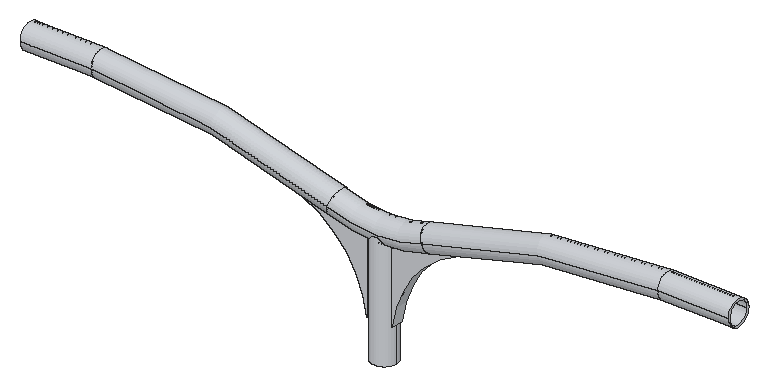
Revit family "Lighting-Stradale-GEWISS-STREET[O3]-STAFFA_PALO_DOPPIA", category Apparecchi per illuminazione, Revit 2019
Family settings
  Quota connettore circolare = Usa diametro
  Tipo di parte = Normale
  Numero OmniClass = 23.80.00.00
  Titolo OmniClass = Electric Power and Lighting
  Basato su piano di lavoro = Sì
  Sempre verticale = No
  Taglio con vuoti quando caricato = No
  Sorgente d'illuminazione = No
  Condiviso = No
  Punto di calcolo locali = No
Parameters (values of type "GW87582 - Acciaio zincato - Grigio grafite - Doppia")
  Versione file RFA = "20.11"
  URL = "https://www.gewiss.com/it/it"
  Tubolare = none
  Supporti = none
  Scheda Tecnica = "https://www.gewiss.com/it/it/search?q=GW87582"
  SIMBOLO [instance] = yes
  SEO = "Staffa"
  Default Elevation = 1219.2 mm
  Produttore = "GEWISS S.p.A."
  Peso (kg): = "11,5"
  Peso (kg) = "11,5"
  Modello = "GW87582"
  Materiale = "Acciaio zincato"
  Lunghezza = "1+1 m"
  L_staffa = 120 mm
  Immagine tipo = GW87582.jpg
  IFC.TypeObject = ""
  IFC.ExportType = ""
  IFC.ExportAs = ""
  IDT = "df385655-572c-45cd-afe2-85265a4e7826"
  IDF = "38bce6fd-7d71-470c-a61e-19d51e9b6874"
  Dimensioni (mm) = "Ø 60 mm"
  Dimensioni = "Ø 60 mm"
  Descrizione: = "Staffa testa palo doppia"
  Descrizione = "STREET STAFFA TESTA PALO DOPPIA GRIGIO GRAFITE"
  Creato da GEWISS S.p.A. = ""
  Colore = "Grigio grafite"
  Codice Electrocod = "240"
  Codice EAN = "8011564783041"
  Catalogo Serie = "STREET [O3]"
  Catalogo = "LIGHTING"
  COBie.Tagnumber = ""
  COBie.CreatedOn = ""
  COBie.CreatebBy = ""
  COBie.ComponentRegisterItemID = ""
  COBie.Component.TagNumber = ""
  COBie.Component.Space = ""
  COBie.Component.SerialNumber = ""
  COBie.Component.InstallationDate = ""
  COBie.Component.Description = ""
  COBie.Component.BarCode = ""
  BIDIMENSIONALE [instance] = not(SIMBOLO)  # no
  Altezza da terra testa staffa = 821.938 mm
Reference planes
  plane 1 "Centro (Fronte/Retro)": y = 0
  plane 2: z = 0
  plane 3 "Centro (Sinistra/Destra)": x = 0
Forms (mm)
  Sweep 1, solid, material <- "Tubolare"
    path origin (0, 0, -775.338) x (1, 0, 0) y (0, 0, 1)
      loop
        line (1000, 1242.308) -> (800, 1242.308)
        arc (800, 1242.308) -> (461.796, 1213.505) -> (133.333, 1127.926) r 2000
        arc (133.333, 1127.926) -> (0, 1105.049) -> (-133.333, 1127.926) r 400
        arc (-133.333, 1127.926) -> (-461.796, 1213.505) -> (-800, 1242.308) r 2000
        line (-800, 1242.308) -> (-1000, 1242.308)
    profile origin (-461.796, 0, 438.167) x (-0.169102, 0, -0.985599) y (0, -1, 0)
      loop
        circle (0, 0) r 35
      loop
        circle (0, 0) r 31
  Sweep 2, solid, material <- "Tubolare"
    path origin (0, 0, -775.338) x (1, 0, 0) y (0, 0, 1)
      loop
        line (0, 1099.248) -> (0, 775.338)
    profile origin (0, 0, 161.955) x (0, -1, 0) y (1, 0, 0)
      loop
        circle (0, 0) r 35
      loop
        circle (0, 0) r 31
  Extrusion 3, solid, material <- "Supporti"
    sketch origin (0, 0, -775.338) x (1, 0, 0) y (0, 0, 1)
      loop
        arc (-143.667, 1098.699) -> (-178.509, 1110.652) -> (-213.569, 1121.951) r 1969
        line (-213.569, 1121.951) -> (-215.96, 1116.424)
        arc (-215.96, 1116.424) -> (-94.15, 1019.88) -> (-37, 875.338) r 300
        line (-37, 875.338) -> (-35, 875.338) -> (-35, 1075.473)
        arc (-35, 1075.473) -> (-90.085, 1083.569) -> (-143.667, 1098.699) r 431
      loop
        line (35, 1075.473) -> (35, 875.338) -> (37, 875.338)
        arc (37, 875.338) -> (94.15, 1019.88) -> (215.96, 1116.424) r 300
        line (215.96, 1116.424) -> (213.569, 1121.951)
        arc (213.569, 1121.951) -> (178.509, 1110.652) -> (143.667, 1098.699) r 1969
        arc (143.667, 1098.699) -> (90.085, 1083.569) -> (35, 1075.473) r 431
    from -16.126 to 16.209
Lines and regions (mm)
  Masking region 1, visible <- "BIDIMENSIONALE"
    outline origin (0, 0, 0) x (1, 0, 0) y (0, 1, 0)
      loop
        line (-1000, 35) -> (-1000, -35) -> (1000, -35) -> (1000, 35) -> (-1000, 35)
  Masking region 2
    outline origin (0, 0, -775.338) x (1, 0, 0) y (0, 0, 1)
      loop
        line (-1000, 1277.308) -> (-1000, 1207.308) -> (-780, 1207.308)
        arc (-780, 1207.308) -> (-494.342, 1184.441) -> (-215.96, 1116.424) r 1795.699
        arc (-215.96, 1116.424) -> (-84.314, 1005.806) -> (-35.036, 841.068) r 300
        line (-35.036, 841.068) -> (-35, 775.338) -> (35, 775.338) -> (35, 841.068)
        arc (35, 841.068) -> (84.314, 1005.806) -> (215.96, 1116.424) r 300
        arc (215.96, 1116.424) -> (494.342, 1184.441) -> (780, 1207.308) r 1795.699
        line (780, 1207.308) -> (1000, 1207.308) -> (1000, 1277.308) -> (780, 1277.308)
        arc (780, 1277.308) -> (430.577, 1245.206) -> (92.853, 1149.974) r 1917.736
        arc (92.853, 1149.974) -> (-3.831, 1140.745) -> (-100.205, 1152.778) r 443.612
        arc (-100.205, 1152.778) -> (-434.447, 1245.919) -> (-780, 1277.308) r 1917.736
        line (-780, 1277.308) -> (-1000, 1277.308)
  Masking region 3
    outline origin (0, -0.162, -775.338) x (0, 1, 0) y (0, 0, 1)
      loop
        arc (35, 1242.308) -> (0, 1277.308) -> (-35, 1242.308) r 35
        line (-35, 1242.308) -> (-35, 775.338) -> (35, 775.338) -> (35, 1242.308)
  Masking region 4
    outline origin (0, -0.162, -775.338) x (0, 1, 0) y (0, 0, 1)
      loop
        line (-16.209, 1121.951) -> (-16.209, 875.338) -> (16.126, 875.338) -> (16.126, 1121.951) -> (-16.209, 1121.951)
Dimensions and locks
  aligned and locked: level to plane 2
  aligned and locked: Masking region 1 sketch curve to Sweep 1  (x2)
  aligned and locked: plane 3 "Centro (Sinistra/Destra)" to nested 1
  aligned and locked: plane 1 "Centro (Fronte/Retro)" to nested 1
  aligned and locked: Masking region 2 sketch curve to Sweep 1
  aligned and locked: Sweep 2 to level
  aligned and locked: Masking region 2 to level
  aligned and locked: level to Sweep 2  (x3)
Nested families
  nested 1: "ACCPALO" at (0, 0, 0), visible <- "SIMBOLO", type "ACCPALO"
Definition of nested family "ACCPALO"
  Reference planes
    plane 1 "Centro (Fronte/Retro)": y = 0
    plane 2: z = 0
    plane 3 "Centro (Sinistra/Destra)": x = 0
  Lines and regions (mm)
    detail lines, in view "Livello rif."
      curve 1: spline (-17.247, 26.335, 0) -> (-16.659, 25.345, 0) -> (-14.936, 24.424, 0) -> (-12.195, 23.632, 0) -> (-8.623, 23.025, 0) -> (-4.464, 22.643, 0) -> (0, 22.513, 0) -> (4.464, 22.643, 0) -> (8.623, 23.025, 0) -> (12.195, 23.632, 0) -> (14.936, 24.424, 0) -> (16.659, 25.345, 0) -> (17.247, 26.335, 0) -> (16.659, 27.324, 0) -> (14.936, 28.245, 0) -> (12.195, 29.037, 0) -> (8.623, 29.644, 0) -> (4.464, 30.026, 0) -> (0, 30.156, 0) -> (-4.464, 30.026, 0) -> (-8.623, 29.644, 0) -> (-12.195, 29.037, 0) -> (-14.936, 28.245, 0) -> (-16.659, 27.324, 0) -> (-17.247, 26.335, 0)
      curve 2: spline (-17.266, -26.469, 0) -> (-14.61, -27.838, 0) -> (-11.877, -28.965, 0) -> (-9.078, -29.846, 0) -> (-6.224, -30.478, 0) -> (-3.325, -30.859, 0) -> (-0.393, -30.986, 0) -> (2.562, -30.86, 0) -> (5.527, -30.481, 0) -> (8.491, -29.85, 0) -> (11.443, -28.969, 0) -> (14.372, -27.843, 0) -> (17.266, -26.475, 0)
      curve 3: line (-85.401, -52.093, 0) -> (85.401, -52.093, 0)
      curve 4: line (85.401, -52.093, 0) -> (85.401, 52.093, 0)
      curve 5: line (85.401, 52.093, 0) -> (-85.401, 52.093, 0)
      curve 6: line (-85.401, 52.093, 0) -> (-85.401, -52.093, 0)
      curve 7: line (-17.266, -26.469, 0) -> (-17.266, 26.335, 0)
      curve 8: line (17.266, -26.475, 0) -> (17.266, 26.335, 0)
